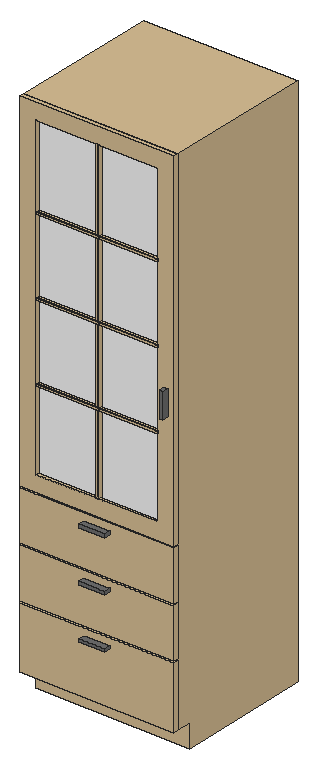
Revit family
Parameters (values of type "24"")
  Glass = none
  Assembly Code = "C1030410"
  Cabinet Material = Cabinets
  Depth = 2' - 0"
  Door/Drawer Material = Cabinets
  Handle Material = Cabinets - Handles
  Height = 7' - 0"
  Panel Material = Cabinets - Panel
  Toe Depth = 0' - 3"
  Toe Height = 0' - 3 1/2"
  Width = 2' - 0"
Types (5): name | Assembly Code | Depth | Height | Toe Depth | Toe Height | Width
  (no name) | "C1030410" | 2' - 0" | 7' - 0" | 0' - 3" | 0' - 3 1/2" | 2' - 0"
  24" | "C1030410" | 2' - 0" | 7' - 0" | 0' - 3" | 0' - 3 1/2" | 2' - 0"
  15" | "C1030410" | 2' - 0" | 7' - 0" | 0' - 3" | 0' - 3 1/2" | 1' - 3"
  18" | "C1030410" | 2' - 0" | 7' - 0" | 0' - 3" | 0' - 3 1/2" | 1' - 6"
  600mm | "" | 1' - 11.62205" | 6' - 6.74016" | 0' - 1.37795" | 0' - 6.29921" | 1' - 11.62205"
Reference planes (in)
  plane 1 "Back": y = 0
  plane 2: z = 0.0625
  plane 3 "Center": x = 0.7377
  plane 4 "Left": x = -11.2623
  plane 5 "Right": x = 12.7377
  plane 6 "Front": y = -24
  plane 7 "Top": z = 84
  plane 8: y = -21
  plane 9: z = 3.5625
  plane 10: z = 13.5625
  plane 11: z = 21.5625
  plane 12: z = 29.5625
  plane 13: z = 56.78125
Forms (in)
  Extrusion 1, solid, material "Cabinets"
    sketch origin (0, -24, 0) x (1, 0, 0) y (0, 0, 1)
      loop
        line (-11.2623, 3.5625) -> (12.7377, 3.5625) -> (12.7377, 84) -> (-11.2623, 84) -> (-11.2623, 3.5625)
      loop
        line (-10.5123, 83.25) -> (-10.5123, 4.3125) -> (11.9877, 4.3125) -> (11.9877, 83.25) -> (-10.5123, 83.25)
    from -0.75 to -24
  Extrusion 2, solid, material "Cabinets"
    sketch origin (0, 0, 0) x (1, 0, 0) y (0, 0, 1)
      loop
        line (-10.5123, 83.25) -> (-10.5123, 4.3125) -> (11.9877, 4.3125) -> (11.9877, 83.25) -> (-10.5123, 83.25)
    from 0 to 0.75
  Extrusion 3, solid, material "Cabinets"
    sketch origin (0, -24, 0) x (1, 0, 0) y (0, 0, 1)
      loop
        line (-11.2623, 84) -> (-11.2623, 29.5625) -> (12.7377, 29.5625) -> (12.7377, 84) -> (-11.2623, 84)
      loop
        line (-11.2623, 29.3125) -> (-11.2623, 21.5625) -> (12.7377, 21.5625) -> (12.7377, 29.3125) -> (-11.2623, 29.3125)
      loop
        line (-11.2623, 21.3125) -> (-11.2623, 13.5625) -> (12.7377, 13.5625) -> (12.7377, 21.3125) -> (-11.2623, 21.3125)
      loop
        line (-11.2623, 13.3125) -> (-11.2623, 3.5625) -> (12.7377, 3.5625) -> (12.7377, 13.3125) -> (-11.2623, 13.3125)
      loop
        line (-8.7623, 81.5) -> (-8.7623, 32.0625) -> (10.2377, 32.0625) -> (10.2377, 81.5) -> (-8.7623, 81.5)
    from 0 to -0.75
  Extrusion 4, solid, material "Cabinets"
    sketch origin (0, 0, 0.0625) x (1, 0, 0) y (0, 1, 0)
      loop
        line (-11.2623, 0) -> (-11.2623, -21) -> (12.7377, -21) -> (12.7377, 0) -> (-11.2623, 0)
    from 0 to 3.5
  Extrusion 5, solid, material "Cabinets - Panel" <- "Panel Material"
    sketch origin (0, -24, 0) x (1, 0, 0) y (0, 0, 1)
      loop
        line (-8.7623, 81.5) -> (-8.7623, 32.0625) -> (10.2377, 32.0625) -> (10.2377, 81.5) -> (-8.7623, 81.5)
    from -0.5 to -0.75
  Extrusion 6, solid, material "Cabinets - Handles" <- "Handle Material"
    sketch origin (0, -24, 0) x (1, 0, 0) y (0, 0, 1)
      loop
        line (11.2311, 51.2578) -> (11.2311, 47.2578) -> (11.72449, 47.2578) -> (11.72449, 51.2578) -> (11.2311, 51.2578)
      loop
        line (-1.2623, 28.21281) -> (-1.2623, 27.71941) -> (2.7377, 27.71941) -> (2.7377, 28.21281) -> (-1.2623, 28.21281)
      loop
        line (-1.2623, 20.21281) -> (-1.2623, 19.71941) -> (2.7377, 19.71941) -> (2.7377, 20.21281) -> (-1.2623, 20.21281)
      loop
        line (-1.2623, 12.21281) -> (-1.2623, 11.71941) -> (2.7377, 11.71941) -> (2.7377, 12.21281) -> (-1.2623, 12.21281)
    from 0 to 1
  Extrusion 7, void
    sketch origin (0, -24, 0) x (-1, 0, 0) y (0, 0, 1)
      loop
        line (8.7623, 32.0625) -> (8.7623, 81.5) -> (-10.2377, 81.5) -> (-10.2377, 32.0625) -> (8.7623, 32.0625)
    from 0 to 3
  Extrusion 8, solid, material "Glass"
    sketch origin (0, -24, 0) x (1, 0, 0) y (0, 0, 1)
      loop
        line (-8.7623, 81.5) -> (-8.7623, 32.0625) -> (10.2377, 32.0625) -> (10.2377, 81.5) -> (-8.7623, 81.5)
    from -0.75 to -0.52903
  Extrusion 9, solid, material "Cabinets" <- "Cabinet Material"
    sketch origin (0, 0, 0.0625) x (1, 0, 0) y (0, 1, 0)
      loop
        line (0.7377, -24) -> (0.9877, -24) -> (0.9877, -23.12084) -> (0.49587, -23.12084) -> (0.49587, -24) -> (0.7377, -24)
    from 32 to 81.4375
  Extrusion 10, solid, material "Cabinets" <- "Cabinet Material"
    sketch origin (-51.02338, 0, 57.47662) x (0, 0, -1) y (0, 1, 0)
      loop
        line (0.7377, -24) -> (1.11303, -24) -> (1.11303, -23.12084) -> (0.68213, -23.12084) -> (0.68213, -24) -> (0.7377, -24)
    from 42.26108 to 61.26108
  Extrusion 11, solid, material "Cabinets" <- "Cabinet Material"
    sketch origin (-51.02338, 0, 69.47662) x (0, 0, -1) y (0, 1, 0)
      loop
        line (0.7377, -24) -> (1.11303, -24) -> (1.11303, -23.12084) -> (0.67116, -23.12084) -> (0.67116, -24) -> (0.7377, -24)
    from 42.26108 to 61.26108
  Extrusion 12, solid, material "Cabinets" <- "Cabinet Material"
    sketch origin (-51.02338, 0, 45.47662) x (0, 0, -1) y (0, 1, 0)
      loop
        line (0.7377, -24) -> (1.11303, -24) -> (1.11303, -23.12084) -> (0.69983, -23.12084) -> (0.69983, -24) -> (0.7377, -24)
    from 42.26108 to 61.26108
Cuts and joins
  Extrusion 7 cuts Extrusion 1
  Extrusion 7 cuts Extrusion 2
  Extrusion 7 cuts Extrusion 4
  joined: Extrusion 1, Extrusion 2, Extrusion 4
  Extrusion 7 cuts Extrusion 3
  Extrusion 7 cuts Extrusion 5
  Extrusion 7 cuts Extrusion 6
Lines and regions (in)
  Masking region 1
    outline origin (0, 0, 0.0625) x (1, 0, 0) y (0, 1, 0)
      loop
        line (-11.2623, 0) -> (-11.2623, -24) -> (12.7377, -24) -> (12.7377, 0) -> (-11.2623, 0)
  symbolic lines, style "Cabinet"
    curve 1: line (12.7377, -24, 0) -> (-11.2623, -24, 0)
    curve 2: line (12.7377, 0, 0) -> (12.7377, -24, 0)
    curve 3: line (-11.2623, 0, 0) -> (12.7377, 0, 0)
    curve 4: line (-11.2623, -24, 0) -> (-11.2623, 0, 0)
  model lines, style "Cabinet"
    curve 5: line (10.2377, -24, 81.5) -> (10.2377, -24, 32.0625)
    curve 6: line (-8.7623, -24, 81.5) -> (10.2377, -24, 81.5)
    curve 7: line (-8.7623, -24, 32.0625) -> (-8.7623, -24, 81.5)
    curve 8: line (11.2311, -24, 51.2578) -> (11.72449, -24, 51.2578)
    curve 9: line (11.2311, -24, 47.2578) -> (11.2311, -24, 51.2578)
    curve 10: line (11.72449, -24, 47.2578) -> (11.2311, -24, 47.2578)
    curve 11: line (11.72449, -24, 51.2578) -> (11.72449, -24, 47.2578)
    curve 12: line (-1.2623, -24, 27.71941) -> (-1.2623, -24, 28.21281)
    curve 13: line (2.7377, -24, 27.71941) -> (-1.2623, -24, 27.71941)
    curve 14: line (2.7377, -24, 28.21281) -> (2.7377, -24, 27.71941)
    curve 15: line (-1.2623, -24, 28.21281) -> (2.7377, -24, 28.21281)
    curve 16: line (-8.7623, -24, 32.0625) -> (10.2377, -24, 32.0625)
    curve 17: line (-11.2623, -24, 29.5625) -> (12.7377, -24, 29.5625)
    curve 18: line (-11.2623, -24, 21.5625) -> (12.7377, -24, 21.5625)
    curve 19: line (-11.2623, -24, 13.5625) -> (12.7377, -24, 13.5625)
    curve 20: line (-11.2623, -24, 29.3125) -> (12.7377, -24, 29.3125)
    curve 21: line (-11.2623, -24, 21.3125) -> (12.7377, -24, 21.3125)
    curve 22: line (-11.2623, -24, 13.3125) -> (12.7377, -24, 13.3125)
    curve 23: line (-1.2623, -24, 19.71941) -> (-1.2623, -24, 20.21281)
    curve 24: line (2.7377, -24, 19.71941) -> (-1.2623, -24, 19.71941)
    curve 25: line (2.7377, -24, 20.21281) -> (2.7377, -24, 19.71941)
    curve 26: line (-1.2623, -24, 20.21281) -> (2.7377, -24, 20.21281)
    curve 27: line (-1.2623, -24, 11.71941) -> (-1.2623, -24, 12.21281)
    curve 28: line (2.7377, -24, 11.71941) -> (-1.2623, -24, 11.71941)
    curve 29: line (2.7377, -24, 12.21281) -> (2.7377, -24, 11.71941)
    curve 30: line (-1.2623, -24, 12.21281) -> (2.7377, -24, 12.21281)
  symbolic lines, style "Elevation Swing"
    curve 31: line (12.7377, 0, 84) -> (-11.2623, 0, 56.78125)
    curve 32: line (-11.2623, 0, 56.78125) -> (12.7377, 0, 29.5625)
Dimensions and locks (in)
  "Depth": plane 6 "Front" to plane 1 "Back"
  "Width": plane 4 "Left" to plane 5 "Right"
  equal spacing: plane 4 "Left", plane 3 "Center", plane 5 "Right"
  "Height": level to plane 7 "Top"
  "Toe Height": plane 2 to plane 9
  "Toe Depth": plane 6 "Front" to plane 8
  plane 12 to plane 11 to plane 10 to plane 9 = 0' - 8" locked, 0' - 8" locked, 0' - 10" locked
  equal spacing: plane 7 "Top", plane 13, plane 12
  aligned and locked: Extrusion 1 to plane 1 "Back"
  aligned and locked: Extrusion 4 to plane 9
  aligned and locked: Extrusion 1 to Extrusion 3
  aligned and locked: Masking region 1 sketch curve to plane 4 "Left"
  aligned and locked: plane 1 "Back" to Masking region 1 sketch curve
  aligned and locked: plane 5 "Right" to Masking region 1 sketch curve
  aligned and locked: Masking region 1 sketch curve to plane 6 "Front"
Automatic sketch dimensions
  curve 1 to plane 4 "Left" = 0' - 0"
  curve 3 to plane 1 "Back" = 0' - 0"
  curve 3 to plane 5 "Right" = 0' - 0"
  curve 1 to plane 6 "Front" = 0' - 0"
  Extrusion 1 sketch curve to plane 4 "Left" = 0' - 0"
  Extrusion 1 sketch curve to plane 5 "Right" = 0' - 0"
  Extrusion 1 sketch curve to plane 9 = 0' - 0"
  Extrusion 1 sketch curve to plane 7 "Top" = 0' - 0"
  Extrusion 1 sketch curve to plane 4 "Left" = 0' - 0 3/4"
  plane 5 "Right" to Extrusion 1 sketch curve = 0' - 0 3/4"
  Extrusion 1 sketch curve to Extrusion 1 sketch curve = 0' - 0 3/4"
  plane 7 "Top" to Extrusion 1 sketch curve = 0' - 0 3/4"
  Extrusion 2 sketch curve to plane 4 "Left" = 0' - 0 3/4"
  plane 5 "Right" to Extrusion 2 sketch curve = 0' - 0 3/4"
  Extrusion 2 sketch curve to plane 9 = 0' - 0 3/4"
  plane 7 "Top" to Extrusion 2 sketch curve = 0' - 0 3/4"
  Extrusion 4 sketch curve to plane 4 "Left" = 0' - 0"
  Extrusion 4 sketch curve to plane 5 "Right" = 0' - 0"
  Extrusion 4 sketch curve to plane 8 = 0' - 0"
  Extrusion 4 sketch curve to plane 1 "Back" = 0' - 0"
  Extrusion 3 sketch curve to plane 4 "Left" = 0' - 0"  (x4)
  Extrusion 3 sketch curve to plane 5 "Right" = 0' - 0"  (x4)
  Extrusion 3 sketch curve to plane 9 = 0' - 0"
  Extrusion 3 sketch curve to plane 10 = 0' - 0"
  Extrusion 3 sketch curve to plane 11 = 0' - 0"
  Extrusion 3 sketch curve to plane 12 = 0' - 0"
  Extrusion 3 sketch curve to plane 7 "Top" = 0' - 0"
  Extrusion 3 sketch curve to plane 4 "Left" = 0' - 2 1/2"
  plane 5 "Right" to Extrusion 3 sketch curve = 0' - 2 1/2"
  Extrusion 3 sketch curve to Extrusion 3 sketch curve = 0' - 0 1/4"  (x2)
  Extrusion 3 sketch curve to plane 12 = 0' - 0 1/4"
  plane 12 to Extrusion 3 sketch curve = 0' - 2 1/2"
  plane 7 "Top" to Extrusion 3 sketch curve = 0' - 2 1/2"
  Extrusion 5 sketch curve to plane 4 "Left" = 0' - 2 1/2"
  plane 5 "Right" to Extrusion 5 sketch curve = 0' - 2 1/2"
  plane 12 to Extrusion 5 sketch curve = 0' - 2 1/2"
  plane 7 "Top" to Extrusion 5 sketch curve = 0' - 2 1/2"
  Extrusion 6 sketch curve to plane 3 "Center" = 0' - 2"  (x3)
  plane 3 "Center" to Extrusion 6 sketch curve = 0' - 2"  (x3)
  plane 5 "Right" to Extrusion 6 sketch curve = 0' - 1.50661"
  Extrusion 6 sketch curve to Extrusion 6 sketch curve = 0' - 0.49339"  (x4)
  Extrusion 6 sketch curve to plane 10 = 0' - 1.84309"
  Extrusion 6 sketch curve to plane 11 = 0' - 1.84309"
  Extrusion 6 sketch curve to plane 12 = 0' - 1.84309"
  Extrusion 6 sketch curve to plane 13 = 0' - 9 67/128"
  Extrusion 6 sketch curve to Extrusion 6 sketch curve = 0' - 4"
  curve 32 to plane 5 "Right" = 0' - 0"
  curve 18 to plane 5 "Right" = 0' - 0"
  curve 31 to plane 5 "Right" = 0' - 0"
  curve 19 to plane 5 "Right" = 0' - 0"
  curve 22 to plane 5 "Right" = 0' - 0"
  curve 21 to plane 5 "Right" = 0' - 0"
  curve 20 to plane 5 "Right" = 0' - 0"
  curve 17 to plane 5 "Right" = 0' - 0"
  curve 18 to plane 4 "Left" = 0' - 0"
  curve 17 to plane 4 "Left" = 0' - 0"
  curve 22 to plane 4 "Left" = 0' - 0"
  curve 20 to plane 4 "Left" = 0' - 0"
  curve 21 to plane 4 "Left" = 0' - 0"
  curve 31 to plane 4 "Left" = 0' - 0"
  curve 19 to plane 4 "Left" = 0' - 0"
  curve 31 to plane 7 "Top" = 0' - 0"
  curve 31 to plane 13 = 0' - 0"
  curve 17 to plane 12 = 0' - 0"
  curve 32 to plane 12 = 0' - 0"
  curve 18 to plane 11 = 0' - 0"
  curve 19 to plane 10 = 0' - 0"
  plane 5 "Right" to curve 8 = 0' - 1.01321"
  curve 10 to curve 10 = 0' - 0.49339"
  plane 5 "Right" to curve 5 = 0' - 2 1/2"
  plane 3 "Center" to curve 24 = 0' - 2"
  plane 3 "Center" to curve 15 = 0' - 2"
  plane 3 "Center" to curve 30 = 0' - 2"
  curve 12 to plane 3 "Center" = 0' - 2"
  curve 27 to plane 3 "Center" = 0' - 2"
  curve 23 to plane 3 "Center" = 0' - 2"
  curve 7 to plane 4 "Left" = 0' - 2 1/2"
  plane 7 "Top" to curve 6 = 0' - 2 1/2"
  curve 8 to plane 13 = 0' - 5 67/128"
  curve 8 to curve 10 = 0' - 4"
  plane 12 to curve 5 = 0' - 2 1/2"
  curve 17 to curve 20 = 0' - 0 1/4"
  curve 15 to plane 12 = 0' - 1.34969"
  curve 12 to curve 12 = 0' - 0.49339"
  curve 18 to curve 21 = 0' - 0 1/4"
  curve 23 to plane 11 = 0' - 1.34969"
  curve 25 to curve 25 = 0' - 0.49339"
  curve 19 to curve 22 = 0' - 0 1/4"
  curve 29 to plane 10 = 0' - 1.34969"
  curve 27 to curve 28 = 0' - 0.49339"
  plane 5 "Right" to Extrusion 7 sketch curve = 0' - 2 1/2"
  Extrusion 7 sketch curve to plane 4 "Left" = 0' - 2 1/2"
  plane 12 to Extrusion 7 sketch curve = 0' - 2 1/2"
  plane 7 "Top" to Extrusion 7 sketch curve = 0' - 2 1/2"
  Extrusion 8 sketch curve to plane 4 "Left" = 0' - 2 1/2"
  plane 5 "Right" to Extrusion 8 sketch curve = 0' - 2 1/2"
  plane 12 to Extrusion 8 sketch curve = 0' - 2 1/2"
  plane 7 "Top" to Extrusion 8 sketch curve = 0' - 2 1/2"
  Extrusion 9 sketch curve to plane 6 "Front" = 0' - 0"
  Extrusion 9 sketch curve to plane 3 "Center" = 0' - 0"
  Extrusion 9 sketch curve to plane 3 "Center" = 0' - 0.24184"
  Extrusion 9 sketch curve to Extrusion 9 sketch curve = 0' - 0 1/4"
  Extrusion 9 sketch curve to plane 6 "Front" = 0' - 0.87916"
  Extrusion 10 sketch curve to plane 6 "Front" = 0' - 0"
  Extrusion 10 sketch curve to Extrusion 10 sketch curve = 0' - 0.05557"
  Extrusion 10 sketch curve to Extrusion 10 sketch curve = 0' - 0.37533"
  Extrusion 10 sketch curve to Extrusion 10 sketch curve = 0' - 0.87916"
  plane 13 to Extrusion 10 sketch curve = 0' - 0.01324"
  Extrusion 11 sketch curve to plane 6 "Front" = 0' - 0"
  plane 13 to Extrusion 11 sketch curve = 1' - 0.02422"
  Extrusion 11 sketch curve to Extrusion 11 sketch curve = 0' - 0.06655"
  Extrusion 11 sketch curve to Extrusion 11 sketch curve = 0' - 0.37533"
  Extrusion 11 sketch curve to plane 6 "Front" = 0' - 0.87916"
  Extrusion 12 sketch curve to plane 6 "Front" = 0' - 0"
  Extrusion 12 sketch curve to plane 13 = 1' - 0.00445"
  Extrusion 12 sketch curve to Extrusion 12 sketch curve = 0' - 0.03788"
  Extrusion 12 sketch curve to Extrusion 12 sketch curve = 0' - 0.37533"
  Extrusion 12 sketch curve to plane 6 "Front" = 0' - 0.87916"
